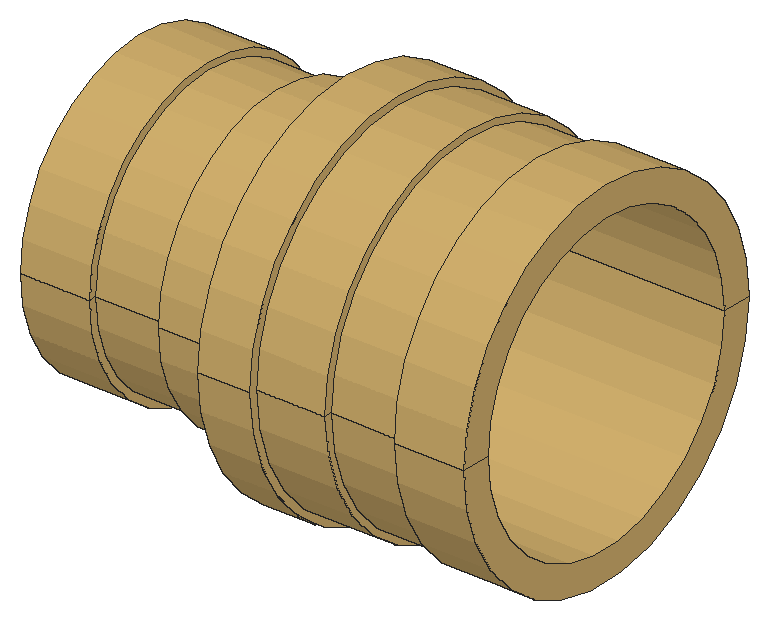
Revit family "UPEX_LuvaReduca", category Pipe Fittings, Revit 2025
Family settings
  Round Connector Dimension = Use Radius
  Part Type = Transition
  OmniClass Number = 23.60.30.11.14
  OmniClass Title = Pipework Fittings
  Work Plane-Based = No
  Always vertical = Yes
  Cut with Voids When Loaded = No
  Shared = No
Parameters
  URL = "https://www.ultrapex.com.br/_files/ugd/9f3173_32d47a29bbff48b5af4781a5d529eee8.pdf"
  ULTRAPEX: Versão = "00"  # constant formula
  ULTRAPEX: Norma Técnica = "NBR 15939"  # constant formula
  ULTRAPEX: Descrição [instance] = size_lookup(LookupTable, "DES", "Produto Inexistente", DN1, DN2)  # "Luva de Redução 20x16 mm - ULTRAPEX"
  ULTRAPEX: Código [instance] = size_lookup(LookupTable, "COD", 0, DN1, DN2)  # 9062016
  Type Image = Luva de Redução.png
  RN2 [instance] = 10 mm
  RN1 [instance] = 8 mm
  Material = Latão - Ultrapex
  LookupTable = "Luva de Redução - ULTRAPEX"
  IfcExportAs = "IfcPipeFittingType.CONNECTOR"  # constant formula
  Manufacturer = "UltraPEX"  # constant formula
  Espessura Divisória [instance] = 3.5 mm
  Default Elevation = 0 mm
  Description = "Luva de Redução - ULTRAPEX"
  DN2 [instance] = RN2 * 2  # 20 mm
  DN1 [instance] = RN1 * 2  # 16 mm
  Cota B [instance] = size_lookup(LookupTable, "B", 25 mm, DN1, DN2)  # 25 mm
  Alerta [instance] = if(ULTRAPEX: Código = 0, 1 = 1, 1 = 0)  # no
Reference planes
  plane 1 "Centro (Frente/Trás)": y = 0
  plane 2: z = 0
  plane 3 "Centro (Esquerda/Direita)": x = 0
  plane 4: x = 0
  plane 5: x = 0
  plane 6: x = -1.75
  plane 7: x = 1.75
Forms (mm)
  Extrusion 1, solid, material "Latão - Ultrapex" <- "Material", detail levels fine
    sketch origin (0, 0, 0) x (0, 1, 0) y (0, 0, 1)
      loop
        circle (0, 0) r 12.5
    from -1.75 to 1.75
Lines and regions (mm)
  model lines, detail levels coarse+medium
    curve 1: line (-1.75, 0, 0) -> (1.75, 0, 0)
    curve 2: line (0, -12.5, 0) -> (0, 12.5, 0)
Dimensions and locks
  equal spacing: plane 6, plane 3 "Centro (Esquerda/Direita)", plane 7
  "Espessura Divisória": plane 6 to plane 7
  equal spacing: curve 2, plane 1 "Centro (Frente/Trás)", curve 2
  "Cota B": curve 2 to curve 2
  "Cota B": diameter of Extrusion 1 sketch curve
  aligned and locked: plane 2 to level
  aligned and locked: plane 6 to Extrusion 1
  aligned and locked: Extrusion 1 to plane 7
  aligned and locked: nested 1 to plane 1 "Centro (Frente/Trás)"
  aligned and locked: nested 1 to plane 6
  aligned and locked: nested 2 to plane 7
  aligned and locked: plane 6 to curve 1
  aligned and locked: plane 7 to curve 1
  aligned and locked: plane 3 "Centro (Esquerda/Direita)" to curve 2
Automatic sketch dimensions
  plane 1 "Centro (Frente/Trás)" to curve 1 = 0 mm
  Extrusion 1 sketch curve to level = 0 mm
  Extrusion 1 sketch curve to plane 1 "Centro (Frente/Trás)" = 0 mm
Nested families
  nested 1: "Anel Deslizante - ULTRAPEX" at (-1.75, 0, 0) x (0, 1, 0) z (0, 0, 1), Diâmetro Nominal <- "DN1", type "Anel Deslizante - ULTRAPEX"
    with ULTRAPEX: Descrição "Anel Deslizante 16 mm - ULTRAPEX", ULTRAPEX: Código 9040016, Diâmetro Nominal 16 mm, DN 16 mm, Cota C 4.667 mm, Cota B 14 mm, Cota A 20 mm
  nested 2: "Anel Deslizante - ULTRAPEX" at (1.75, 0, 0) x (0, 1, 0) z (0, 0, 1), Diâmetro Nominal <- "DN2", type "Anel Deslizante - ULTRAPEX"
    with ULTRAPEX: Descrição "Anel Deslizante 20  mm - ULTRAPEX", ULTRAPEX: Código 9040020, Diâmetro Nominal 20 mm, DN 20 mm, Cota C 4.667 mm, Cota B 14 mm, Cota A 24 mm
Connectors
  piping at (-1.75, 0, 0), diameter 16, driven by "RN1"
    settings: on nested 1, index 1, connector inside diameter 609.6 mm, connector length 0 mm, flow factor 0, pipe flow 0.0 L/s, pressure drop 0.0 Pa, fitting loss kfactor 0, connector angle 0.00°, fixture units 0, engagement length 0 mm, angle of deflection 0.00°, flow configuration 0, flow direction 0, fitting loss method 0, system type 28, joint type 0, gender type 0, connector reference index -1, connector utility 0, adjustable connector no, is connector primary yes, connector description ""
  piping at (1.75, 0, 0), diameter 20, driven by "RN2"
    settings: on nested 2, index 2, connector inside diameter 609.6 mm, connector length 0 mm, flow factor 0, pipe flow 0.0 L/s, pressure drop 0.0 Pa, fitting loss kfactor 0, connector angle 0.00°, fixture units 0, engagement length 0 mm, angle of deflection 0.00°, flow configuration 0, flow direction 0, fitting loss method 0, system type 28, joint type 0, gender type 0, connector reference index -1, connector utility 0, adjustable connector no, is connector primary no, connector description ""
Definition of nested family "Anel Deslizante - ULTRAPEX"
  Parameters (values of type "Anel Deslizante - ULTRAPEX")
    URL = "https://www.ultrapex.com.br/_files/ugd/9f3173_32d47a29bbff48b5af4781a5d529eee8.pdf"
    ULTRAPEX: Versão = "00"  # constant formula
    ULTRAPEX: Norma Técnica = "NBR 15939"  # constant formula
    ULTRAPEX: Descrição [instance] = size_lookup(LookupTable, "DES", "Produto Inexistente", Diâmetro Nominal)  # "Anel Deslizante 16 mm - ULTRAPEX"
    ULTRAPEX: Código [instance] = size_lookup(LookupTable, "COD", 0, Diâmetro Nominal)  # 9040016
    Type Image = element 279930
    Material = none
    LookupTable = "Anel Deslizante - ULTRAPEX"  # constant formula
    IfcExportAs = "IfcPipeFittingType.CONNECTOR"  # constant formula
    Manufacturer = "UltraPEX"  # constant formula
    Default Elevation = 0 mm
    Diâmetro Nominal [instance] = 16 mm
    Description = "Anel Deslizante - ULTRAPEX"
    DN [instance] = size_lookup(LookupTable, "DN", 16 mm, Diâmetro Nominal)  # 16 mm
    Cota C [instance] = Cota B / 3  # 4.667 mm
    Cota B [instance] = size_lookup(LookupTable, "B", 14 mm, Diâmetro Nominal)  # 14 mm
    Cota A [instance] = size_lookup(LookupTable, "A", 20 mm, Diâmetro Nominal)  # 20 mm
  Reference planes
    plane 1 "Centro (Frente/Trás)": y = 0
    plane 2: z = 0
    plane 3 "Centro (Esquerda/Direita)": x = 0
    plane 4: x = 8
    plane 5: x = -8
    plane 6: x = -10
    plane 7: x = 10
    plane 8: y = 14
  Forms (mm)
    Revolve 1, solid, material <- "Material", detail levels fine
      sketch origin (0, 0, 0) x (1, 0, 0) y (0, 1, 0)
        loop
          line (10, 0) -> (10, 14) -> (8, 14) -> (8, 0) -> (10, 0)
        axis (0, 0) -> (0, 14)
      angle from 0 to 360
    Revolve 2, void
      sketch origin (0, 0, 0) x (1, 0, 0) y (0, 1, 0)
        loop
          line (-10.952, 9.333) -> (-10.952, 4.667) -> (-9.524, 4.667) -> (-9.524, 9.333) -> (-10.952, 9.333)
        axis (0, 4.667) -> (0, 9.333)
      angle from 0 to 360
  Cuts and joins
    Revolve 2 cuts Revolve 1
  Lines and regions (mm)
    model lines, detail levels coarse+medium
      curve 1: line (0, 0, 0) -> (0, 14, 0)
  Dimensions and locks
    "DN": plane 5 to plane 4
    "Cota A": plane 6 to plane 7
    equal spacing: plane 6, plane 3 "Centro (Esquerda/Direita)", plane 7
    equal spacing: plane 5, plane 3 "Centro (Esquerda/Direita)", plane 4
    "Cota B": plane 1 "Centro (Frente/Trás)" to plane 8
    "Cota C": Revolve 2 sketch curve to plane 8
    "Cota C": plane 1 "Centro (Frente/Trás)" to Revolve 2 sketch curve
    locked: plane 6 to Revolve 2 sketch curve at 0.476
    locked: Revolve 2 sketch curve to Revolve 2 sketch curve at 1.428
    aligned and locked: level to plane 2
    aligned and locked: plane 3 "Centro (Esquerda/Direita)" to Revolve 1 sketch curve
    aligned and locked: Revolve 1 sketch curve to plane 7
    aligned and locked: plane 4 to Revolve 1 sketch curve
    aligned and locked: plane 1 "Centro (Frente/Trás)" to Revolve 1 sketch curve
    aligned and locked: plane 8 to Revolve 1 sketch curve
    aligned and locked: plane 8 to curve 1
    aligned and locked: plane 1 "Centro (Frente/Trás)" to curve 1
  Automatic sketch dimensions
    plane 1 "Centro (Frente/Trás)" to Revolve 1 sketch curve = 0 mm
    Revolve 1 sketch curve to Revolve 1 sketch curve = 0 mm
    curve 1 to plane 3 "Centro (Esquerda/Direita)" = 0 mm
    Revolve 2 sketch curve to plane 3 "Centro (Esquerda/Direita)" = 0 mm
    plane 1 "Centro (Frente/Trás)" to Revolve 2 sketch curve = 0 mm
    plane 8 to Revolve 2 sketch curve = 2.253 mm
